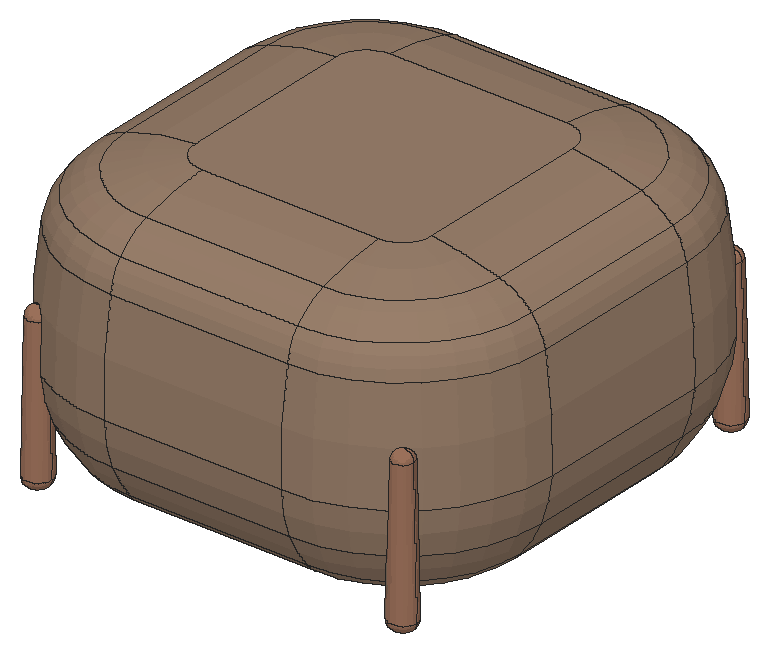
Revit family "FU_Seat_Sandler_Hyppo 8-2", category Furniture, Revit 2020
Family settings
  OmniClass Number = 23.40.20.00
  OmniClass Title = General Furniture and Specialties
  Work Plane-Based = No
  Always vertical = Yes
  Cut with Voids When Loaded = No
  Shared = No
  Room Calculation Point = No
Parameters
  Wood Finish = Wood - Beech - Cherry Wood - V
  Width = 690 mm
  Upholstery = Leather - Tan - Sandler 131
  URL = "https://www.sandlerseating.com/product/hyppo-8-2/"
  Model = "Hyppo 8.2"
  Manufacturer = "Sandler"
  Height = 400 mm
  Description = "Ottoman with upholstered seat on a solid beech frame."
  Depth = 690 mm
  Default Elevation = 0 mm
Reference planes
  plane 1 "Center (Front/Back)": y = 0
  plane 2: z = 0
  plane 3 "Center (Left/Right)": x = 0
  plane 4 "Right": x = -345
  plane 5 "Left": x = 345
  plane 6 "Back": y = 345
  plane 7 "Front": y = -345
  plane 8 "Height": z = 400
  plane 9 "base": z = 10
  plane 10 "Leg R H": y = -295.336
  plane 11 "Leg R V": x = -262.912
Forms (mm)
  Extrusion 1, solid, material "Leather - Tan - Sandler 131" <- "Upholstery"
    sketch origin (0, 0, 10) x (-1, 0, 0) y (0, -1, 0)
      loop
        arc (-127.5, 170) -> (-157.552, 157.552) -> (-170, 127.5) r 42.5
        line (-170, 127.5) -> (-170, -127.5)
        arc (-170, -127.5) -> (-157.552, -157.552) -> (-127.5, -170) r 42.5
        line (-127.5, -170) -> (127.5, -170)
        arc (127.5, -170) -> (157.552, -157.552) -> (170, -127.5) r 42.5
        line (170, -127.5) -> (170, 127.5)
        arc (170, 127.5) -> (157.552, 157.552) -> (127.5, 170) r 42.5
        line (127.5, 170) -> (-127.5, 170)
    from 0 to 390
  Sweep 2, solid, material "Leather - Tan - Sandler 131" <- "Upholstery"
    path in 3D
      loop
        arc (-170, -127.5, 400) -> (-157.552, -157.552, 400) -> (-127.5, -170, 400) r 42.5
        line (-127.5, -170, 400) -> (127.5, -170, 400)
        arc (127.5, -170, 400) -> (157.552, -157.552, 400) -> (170, -127.5, 400) r 42.5
        line (170, -127.5, 400) -> (170, 127.5, 400)
        arc (170, 127.5, 400) -> (157.552, 157.552, 400) -> (127.5, 170, 400) r 42.5
        line (127.5, 170, 400) -> (-127.5, 170, 400)
        arc (-127.5, 170, 400) -> (-157.552, 157.552, 400) -> (-170, 127.5, 400) r 42.5
        line (-170, 127.5, 400) -> (-170, -127.5, 400)
    profile "Pro_Hyppo_seat : Pro_Hyppo_seat" origin (-170, 0, 400) x (1, 0, 0) y (0, 0, 1)
      loop
        line (0, -390) -> (0, 0)
        arc (0, 0) -> (-49.83, -6.569) -> (-98.503, -19.102) r 415.788
        arc (-98.503, -19.102) -> (-123.37, -30.937) -> (-144.296, -48.84) r 104.833
        arc (-144.296, -48.84) -> (-156.986, -67.687) -> (-164.025, -89.289) r 82.111
        arc (-164.025, -89.289) -> (-173.711, -168.253) -> (-174.808, -247.802) r 735.174
        arc (-174.808, -247.802) -> (-169.626, -282.279) -> (-158.734, -315.399) r 207.079
        arc (-158.734, -315.399) -> (-145.666, -341.026) -> (-129.174, -364.594) r 207.079
        arc (-129.174, -364.594) -> (-105.985, -383.062) -> (-77.164, -390) r 68.482
        line (-77.164, -390) -> (0, -390)
  Revolve 3, solid, material "Wood - Beech - Cherry Wood - V" <- "Wood Finish"
    sketch origin (0, -295.336, 0) x (-1, 0, 0) y (0, 0, 1)
      loop
        line (262.912, 0) -> (269.63, 0)
        arc (269.63, 0) -> (278.92, 3.907) -> (282.627, 13.279) r 13
        line (282.627, 13.279) -> (278.217, 218.579)
        arc (278.217, 218.579) -> (273.862, 228.63) -> (263.72, 232.767) r 14.5
        line (263.72, 232.767) -> (262.912, 232.767) -> (262.912, 0)
      axis (262.912, 232.767) -> (262.912, 0)
    angle from 0 to 360
  Revolve 4, solid, material "Wood - Beech - Cherry Wood - V" <- "Wood Finish"
    sketch origin (0, -295.336, 0) x (1, 0, 0) y (0, 0, 1)
      loop
        line (262.912, 0) -> (269.63, 0)
        arc (269.63, 0) -> (278.92, 3.907) -> (282.627, 13.279) r 13
        line (282.627, 13.279) -> (278.217, 218.579)
        arc (278.217, 218.579) -> (273.862, 228.63) -> (263.72, 232.767) r 14.5
        line (263.72, 232.767) -> (262.912, 232.767) -> (262.912, 0)
      axis (262.912, 232.767) -> (262.912, 0)
    angle from 0 to 360
  Revolve 5, solid, material "Wood - Beech - Cherry Wood - V" <- "Wood Finish"
    sketch origin (0, 295.336, 0) x (1, 0, 0) y (0, 0, 1)
      loop
        line (262.912, 0) -> (269.63, 0)
        arc (269.63, 0) -> (278.92, 3.907) -> (282.627, 13.279) r 13
        line (282.627, 13.279) -> (278.217, 218.579)
        arc (278.217, 218.579) -> (273.862, 228.63) -> (263.72, 232.767) r 14.5
        line (263.72, 232.767) -> (262.912, 232.767) -> (262.912, 0)
      axis (262.912, 232.767) -> (262.912, 0)
    angle from 0 to 360
  Revolve 6, solid, material "Wood - Beech - Cherry Wood - V" <- "Wood Finish"
    sketch origin (0, 295.336, 0) x (-1, 0, 0) y (0, 0, -1)
      loop
        line (262.912, 0) -> (262.912, -232.767) -> (263.72, -232.767)
        arc (263.72, -232.767) -> (273.862, -228.63) -> (278.217, -218.579) r 14.5
        line (278.217, -218.579) -> (282.627, -13.279)
        arc (282.627, -13.279) -> (278.92, -3.907) -> (269.63, 0) r 13
        line (269.63, 0) -> (262.912, 0)
      axis (262.912, -232.767) -> (262.912, 0)
    angle from 0 to 360
Cuts and joins
  joined: Extrusion 1, Sweep 2
Lines and regions (mm)
  sketch lines
    curve 1: line (-170, 127.5, 400) -> (-170, -127.5, 400)
    curve 2: arc (-127.5, -170, 400) -> (-157.552, -157.552, 400) -> (-170, -127.5, 400) r 42.5
    curve 3: line (-127.5, -170, 400) -> (127.5, -170, 400)
    curve 4: arc (170, -127.5, 400) -> (157.552, -157.552, 400) -> (127.5, -170, 400) r 42.5
    curve 5: line (170, -127.5, 400) -> (170, 127.5, 400)
    curve 6: arc (127.5, 170, 400) -> (157.552, 157.552, 400) -> (170, 127.5, 400) r 42.5
    curve 7: line (127.5, 170, 400) -> (-127.5, 170, 400)
    curve 8: arc (-170, 127.5, 400) -> (-157.552, 157.552, 400) -> (-127.5, 170, 400) r 42.5
Dimensions and locks
  equal spacing: plane 4 "Right", plane 3 "Center (Left/Right)", plane 5 "Left"
  "Width": plane 4 "Right" to plane 5 "Left"
  equal spacing: plane 6 "Back", plane 1 "Center (Front/Back)", plane 7 "Front"
  "Depth": plane 6 "Back" to plane 7 "Front"
  "Height": plane 8 "Height" to level
  plane 9 "base" to level = 10 mm
  aligned and locked: level to plane 2
  aligned and locked: plane 8 "Height" to Extrusion 1
  aligned and locked: Extrusion 1 to plane 9 "base"
Automatic sketch dimensions
  plane 3 "Center (Left/Right)" to Extrusion 1 sketch curve = 170 mm
  Extrusion 1 sketch curve to Extrusion 1 sketch curve = 42.5 mm  (x3)
  Extrusion 1 sketch curve to plane 3 "Center (Left/Right)" = 127.5 mm  (x2)
  Extrusion 1 sketch curve to plane 1 "Center (Front/Back)" = 170 mm
  plane 1 "Center (Front/Back)" to Extrusion 1 sketch curve = 127.5 mm
  Revolve 3 sketch curve to level = 0 mm
  Revolve 3 sketch curve to plane 11 "Leg R V" = 0 mm  (x2)
  Revolve 3 sketch curve to plane 11 "Leg R V" = 0.808 mm
  Revolve 3 sketch curve to plane 11 "Leg R V" = 6.718 mm
  Revolve 3 sketch curve to Revolve 3 sketch curve = 14.497 mm
  plane 9 "base" to Revolve 3 sketch curve = 3.279 mm
  Revolve 3 sketch curve to Revolve 3 sketch curve = 12.997 mm
  Revolve 3 sketch curve to plane 8 "Height" = 181.733 mm
  Revolve 3 sketch curve to Revolve 3 sketch curve = 0.311 mm
  Revolve 3 sketch curve to level = 17.233 mm
  Revolve 3 sketch curve to Revolve 3 sketch curve = 25 mm
  Revolve 4 sketch curve to level = 0 mm
  Revolve 4 sketch curve to plane 5 "Left" = 82.088 mm
  Revolve 4 sketch curve to Revolve 4 sketch curve = 0.808 mm
  Revolve 4 sketch curve to Revolve 4 sketch curve = 6.718 mm
  Revolve 4 sketch curve to Revolve 4 sketch curve = 14.497 mm
  Revolve 4 sketch curve to plane 9 "base" = 3.279 mm
  Revolve 4 sketch curve to Revolve 4 sketch curve = 12.997 mm
  plane 8 "Height" to Revolve 4 sketch curve = 181.733 mm
  Revolve 4 sketch curve to Revolve 4 sketch curve = 0.311 mm
  Revolve 4 sketch curve to Revolve 4 sketch curve = 0 mm
  Revolve 4 sketch curve to Revolve 4 sketch curve = 17.233 mm
  Revolve 4 sketch curve to Revolve 4 sketch curve = 25 mm
  Revolve 5 sketch curve to level = 0 mm
  plane 5 "Left" to Revolve 5 sketch curve = 82.088 mm
  Revolve 5 sketch curve to Revolve 5 sketch curve = 0.808 mm
  Revolve 5 sketch curve to Revolve 5 sketch curve = 6.718 mm
  Revolve 5 sketch curve to Revolve 5 sketch curve = 14.497 mm
  plane 9 "base" to Revolve 5 sketch curve = 3.279 mm
  Revolve 5 sketch curve to Revolve 5 sketch curve = 12.997 mm
  Revolve 5 sketch curve to plane 8 "Height" = 181.733 mm
  Revolve 5 sketch curve to Revolve 5 sketch curve = 0.311 mm
  Revolve 5 sketch curve to Revolve 5 sketch curve = 0 mm
  Revolve 5 sketch curve to Revolve 5 sketch curve = 17.233 mm
  Revolve 5 sketch curve to Revolve 5 sketch curve = 25 mm
  Revolve 6 sketch curve to level = 0 mm
  Revolve 6 sketch curve to plane 11 "Leg R V" = 0 mm  (x2)
  Revolve 6 sketch curve to plane 11 "Leg R V" = 0.808 mm
  Revolve 6 sketch curve to plane 11 "Leg R V" = 6.718 mm
  Revolve 6 sketch curve to Revolve 6 sketch curve = 14.497 mm
  plane 9 "base" to Revolve 6 sketch curve = 3.279 mm
  Revolve 6 sketch curve to Revolve 6 sketch curve = 12.997 mm
  Revolve 6 sketch curve to plane 8 "Height" = 181.733 mm
  Revolve 6 sketch curve to Revolve 6 sketch curve = 0.311 mm
  Revolve 6 sketch curve to Revolve 6 sketch curve = 25 mm
  Revolve 6 sketch curve to Revolve 6 sketch curve = 17.233 mm
